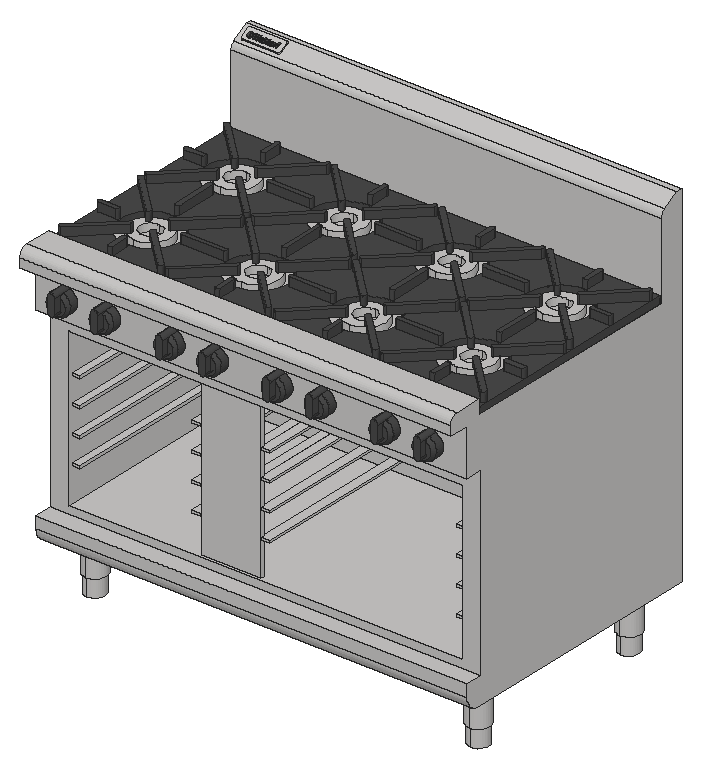
Revit family "QF_MOFFAT WALDORF_RN8800G-CB", category Specialty Equipment, Revit 2012
Parameters
  Weight in Pounds = 436.5148
  URL Cutsheet = "www.moffat.com"
  URL = "www.moffat.com"
  Type Mark [instance] = ""
  Status [instance] = ""
  Specification by User [instance] = ""
  Specification by Manufacturer = ""
  Show Logo [instance] = yes
  Show Casters [instance] = no
  Serial Number = ""
  Seismic Rating = ""
  SMACNA No = ""
  Revision Code [instance] = ""
  Omniclass Number and Title = ""
  NAFEM Spec ID Number = ""
  Model = "RN8800G-CB"
  Mechanical Remarks [instance] = ""
  Mechanical Connection Type [instance] = ""
  Masterspec = ""
  Manufacturer = "MOFFAT WALDORF"
  Legs [instance] = not(Show Casters)  # yes
  Item Number [instance] = ""
  Installed By [instance] = ""
  Identify Quantity as Lot [instance] = yes
  Gas Size = 3/4"
  Gas RI Height [instance] = 0.0 mm
  Gas KW [instance] = 62.2
  Gas Input [instance] = 212311.0 Btu/h
  Gas Connection Height = 0.0 mm
  Furnished By [instance] = ""
  Foodservice Equipment Identifier [instance] = yes
  Description = "COOK TOP GAS ON CABINET BASE"
  CSI MasterFormat = ""
  CSI Master Format = ""
  Body Height [instance] = 915.0 mm
  Base Height [instance] = 150.0 mm
Reference planes
  plane 1 "BACK": y = 0
  plane 2: z = 0
  plane 3 "LEFT": x = 0
  plane 4 "RIGHT": x = 1200
  plane 5 "FRONT": y = -805
  plane 6 "TOP": z = 1130
  plane 7 "Center Y": x = 600
  plane 8 "Center X": y = -402.5
  plane 9 "Base Height": z = 150
  plane 10: x = 1134
  plane 11: x = 65
  plane 12: z = 915
  plane 13: x = 65.8
Forms (mm)
  Extrusion 1, solid, material "QF_Finishes_Stainless Steel"
    sketch origin (0, 0, 0) x (0, 1, 0) y (0, 0, 1)
      loop
        line (-805, 891) -> (-805, 866) -> (-749, 866) -> (-749, 735) -> (-135.7, 735) -> (-135.7, 150) -> (0, 150) -> (0, 1130) -> (-16.5, 1130) -> (-58.709, 1105.631)
        arc (-58.709, 1105.631) -> (-66.975, 1097.365) -> (-70, 1086.074) r 22.582
        line (-70, 1086.074) -> (-70, 875) -> (-705, 875) -> (-705, 915) -> (-781, 915)
        arc (-781, 915) -> (-797.971, 907.971) -> (-805, 891) r 24
      loop
        line (-699, 222.5) -> (-749, 222.5) -> (-749, 188)
        arc (-749, 188) -> (-737.87, 161.13) -> (-711, 150) r 38
        line (-711, 150) -> (-699, 150) -> (-699, 222.5)
    from 0 to 1200
  Revolve 2, solid, material "QF_Finishes_Black"
    sketch origin (210, 0, 600) x (0, -1, 0) y (0, 0, 1)
      loop
        line (782, 229.605) -> (759, 229.605) -> (759, 202.105) -> (749, 202.105) -> (749, 197.105) -> (793, 197.105) -> (793, 223.757) -> (782, 229.605)
      axis (793, 197.105) -> (749, 197.105)
    angle from 0 to 360
  Extrusion 3, solid, material "QF_Finishes_Black"
    sketch origin (-78.431, 0, 496.003) x (1, 0, 0) y (0, 0, 1)
      loop
        line (298.431, 289) -> (298.431, 327.997)
        arc (298.431, 327.997) -> (288.431, 337.997) -> (278.431, 327.997) r 10
        line (278.431, 327.997) -> (278.431, 289)
        arc (278.431, 289) -> (288.431, 279) -> (298.431, 289) r 10
    from 759 to 808
  Extrusion 4, solid, material "QF_Finishes_Stainless Steel"
    sketch origin (705, 3, 100) x (1, 0, 0) y (0, 1, 0)
      loop
        circle (365, -35) r 13.5
    from 555 to 599.856
  Revolve 5, solid, material "QF_Finishes_Black"
    sketch origin (89.999, 0, 599.873) x (0, 1, 0) y (0, 0, -1)
      loop
        line (-782, -229.5) -> (-759, -229.5) -> (-759, -202) -> (-749, -202) -> (-749, -197) -> (-793, -197) -> (-793, -223.651) -> (-782, -229.5)
      axis (-793, -197) -> (-749, -197)
    angle from 0 to 360
  Extrusion 6, solid, material "QF_Finishes_Black"
    sketch origin (228.269, 0, 600.031) x (-1, 0, 0) y (0, 0, -1)
      loop
        arc (148.269, -184.969) -> (138.269, -174.969) -> (128.269, -184.969) r 10
        line (128.269, -184.969) -> (128.269, -223.969)
        arc (128.269, -223.969) -> (138.269, -233.969) -> (148.269, -223.969) r 10
        line (148.269, -223.969) -> (148.269, -184.969)
    from 759 to 808
  Extrusion 7, solid, material "QF_Finishes_Black"
    sketch origin (0, -70, 875) x (0, -1, 0) y (1, 0, 0)
      loop
        arc (1, 4) -> (1.879, 1.879) -> (4, 1) r 3
        line (4, 1) -> (631, 1)
        arc (631, 1) -> (633.121, 1.879) -> (634, 4) r 3
        line (634, 4) -> (634, 1196)
        arc (634, 1196) -> (633.121, 1198.121) -> (631, 1199) r 3
        line (631, 1199) -> (4, 1199)
        arc (4, 1199) -> (1.879, 1198.121) -> (1, 1196) r 3
        line (1, 1196) -> (1, 4)
      loop
        circle (167.5, 150) r 84.082
      loop
        circle (467.5, 150) r 84.082
      loop
        circle (467.5, 1050) r 84.082
      loop
        circle (167.5, 1050) r 84.082
      loop
        circle (167.5, 450) r 84.082
      loop
        circle (467.5, 450) r 84.082
      loop
        circle (167.5, 750) r 84.082
      loop
        circle (467.5, 750) r 84.082
    from 0 to 19.5
  Extrusion 8, solid, material "QF_Finishes_Black"
    sketch origin (0, -70, 894.5) x (0, -1, 0) y (1, 0, 0)
      loop
        spline (323.602, 15.153) -> (322.681, 13.924) -> (322.131, 12.47) -> (321.99, 10.89) -> (322.267, 9.292) -> (322.943, 7.786) -> (323.973, 6.473) -> (325.286, 5.443) -> (326.792, 4.767) -> (328.39, 4.49) -> (329.97, 4.631) -> (331.424, 5.181) -> (332.653, 6.102)
        line (332.653, 6.102) -> (440.576, 114.025)
        spline (440.576, 114.025) -> (441.337, 115.095) -> (441.738, 116.399) -> (441.751, 117.851) -> (441.375, 119.35) -> (440.637, 120.795) -> (439.586, 122.086) -> (438.295, 123.137) -> (436.85, 123.875) -> (435.351, 124.251) -> (433.899, 124.238) -> (432.595, 123.837) -> (431.525, 123.076)
        line (431.525, 123.076) -> (323.602, 15.153)
      loop
        spline (259.398, 156.4) -> (258.104, 156.182) -> (256.898, 155.543) -> (255.862, 154.525) -> (255.068, 153.2) -> (254.568, 151.656) -> (254.398, 150) -> (254.568, 148.344) -> (255.068, 146.8) -> (255.862, 145.475) -> (256.898, 144.457) -> (258.104, 143.818) -> (259.398, 143.6)
        line (259.398, 143.6) -> (375.602, 143.6)
        spline (375.602, 143.6) -> (376.896, 143.818) -> (378.102, 144.457) -> (379.138, 145.475) -> (379.932, 146.8) -> (380.432, 148.344) -> (380.602, 150) -> (380.432, 151.656) -> (379.932, 153.2) -> (379.138, 154.525) -> (378.102, 155.543) -> (376.896, 156.182) -> (375.602, 156.4)
        line (375.602, 156.4) -> (259.398, 156.4)
      loop
        spline (608.602, 143.6) -> (609.896, 143.818) -> (611.102, 144.457) -> (612.138, 145.475) -> (612.932, 146.8) -> (613.432, 148.344) -> (613.602, 150) -> (613.432, 151.656) -> (612.932, 153.2) -> (612.138, 154.525) -> (611.102, 155.543) -> (609.896, 156.182) -> (608.602, 156.4)
        line (608.602, 156.4) -> (559.398, 156.4)
        spline (559.398, 156.4) -> (558.104, 156.182) -> (556.898, 155.543) -> (555.862, 154.525) -> (555.068, 153.2) -> (554.568, 151.656) -> (554.398, 150) -> (554.568, 148.344) -> (555.068, 146.8) -> (555.862, 145.475) -> (556.898, 144.457) -> (558.104, 143.818) -> (559.398, 143.6)
        line (559.398, 143.6) -> (608.602, 143.6)
      loop
        line (611.398, 15.153) -> (503.475, 123.076)
        spline (503.475, 123.076) -> (502.405, 123.837) -> (501.101, 124.238) -> (499.649, 124.251) -> (498.15, 123.875) -> (496.705, 123.137) -> (495.414, 122.086) -> (494.363, 120.795) -> (493.625, 119.35) -> (493.249, 117.851) -> (493.262, 116.399) -> (493.663, 115.095) -> (494.424, 114.025)
        line (494.424, 114.025) -> (602.347, 6.102)
        spline (602.347, 6.102) -> (603.416, 5.341) -> (604.721, 4.941) -> (606.172, 4.928) -> (607.671, 5.303) -> (609.116, 6.041) -> (610.408, 7.092) -> (611.459, 8.384) -> (612.197, 9.829) -> (612.572, 11.328) -> (612.559, 12.779) -> (612.159, 14.084) -> (611.398, 15.153)
      loop
        line (473.9, 8.898) -> (473.9, 58.102)
        spline (473.9, 58.102) -> (473.682, 59.396) -> (473.043, 60.602) -> (472.025, 61.638) -> (470.7, 62.432) -> (469.156, 62.932) -> (467.5, 63.102) -> (465.844, 62.932) -> (464.3, 62.432) -> (462.975, 61.638) -> (461.957, 60.602) -> (461.318, 59.396) -> (461.1, 58.102)
        line (461.1, 58.102) -> (461.1, 8.898)
        spline (461.1, 8.898) -> (461.318, 7.604) -> (461.957, 6.398) -> (462.975, 5.362) -> (464.3, 4.568) -> (465.844, 4.068) -> (467.5, 3.898) -> (469.156, 4.068) -> (470.7, 4.568) -> (472.025, 5.362) -> (473.043, 6.398) -> (473.682, 7.604) -> (473.9, 8.898)
      loop
        spline (23.602, 15.153) -> (22.681, 13.924) -> (22.131, 12.47) -> (21.99, 10.89) -> (22.267, 9.292) -> (22.943, 7.786) -> (23.973, 6.473) -> (25.286, 5.443) -> (26.792, 4.767) -> (28.39, 4.49) -> (29.97, 4.631) -> (31.424, 5.181) -> (32.653, 6.102)
        line (32.653, 6.102) -> (140.576, 114.025)
        spline (140.576, 114.025) -> (141.337, 115.095) -> (141.738, 116.399) -> (141.751, 117.851) -> (141.375, 119.35) -> (140.637, 120.795) -> (139.586, 122.086) -> (138.295, 123.137) -> (136.85, 123.875) -> (135.351, 124.251) -> (133.899, 124.238) -> (132.595, 123.837) -> (131.525, 123.076)
        line (131.525, 123.076) -> (23.602, 15.153)
      loop
        spline (26.398, 156.4) -> (25.104, 156.182) -> (23.898, 155.543) -> (22.862, 154.525) -> (22.068, 153.2) -> (21.568, 151.656) -> (21.398, 150) -> (21.568, 148.344) -> (22.068, 146.8) -> (22.862, 145.475) -> (23.898, 144.457) -> (25.104, 143.818) -> (26.398, 143.6)
        line (26.398, 143.6) -> (75.602, 143.6)
        spline (75.602, 143.6) -> (76.896, 143.818) -> (78.102, 144.457) -> (79.138, 145.475) -> (79.932, 146.8) -> (80.432, 148.344) -> (80.602, 150) -> (80.432, 151.656) -> (79.932, 153.2) -> (79.138, 154.525) -> (78.102, 155.543) -> (76.896, 156.182) -> (75.602, 156.4)
        line (75.602, 156.4) -> (26.398, 156.4)
      loop
        line (311.398, 15.153) -> (203.475, 123.076)
        spline (203.475, 123.076) -> (202.405, 123.837) -> (201.101, 124.238) -> (199.649, 124.251) -> (198.15, 123.875) -> (196.705, 123.137) -> (195.414, 122.086) -> (194.363, 120.795) -> (193.625, 119.35) -> (193.249, 117.851) -> (193.262, 116.399) -> (193.663, 115.095) -> (194.424, 114.025)
        line (194.424, 114.025) -> (302.347, 6.102)
        spline (302.347, 6.102) -> (303.416, 5.341) -> (304.721, 4.941) -> (306.172, 4.928) -> (307.671, 5.303) -> (309.116, 6.041) -> (310.408, 7.092) -> (311.459, 8.384) -> (312.197, 9.829) -> (312.572, 11.328) -> (312.559, 12.779) -> (312.159, 14.084) -> (311.398, 15.153)
      loop
        line (173.9, 8.898) -> (173.9, 58.102)
        spline (173.9, 58.102) -> (173.682, 59.396) -> (173.043, 60.602) -> (172.025, 61.638) -> (170.7, 62.432) -> (169.156, 62.932) -> (167.5, 63.102) -> (165.844, 62.932) -> (164.3, 62.432) -> (162.975, 61.638) -> (161.957, 60.602) -> (161.318, 59.396) -> (161.1, 58.102)
        line (161.1, 58.102) -> (161.1, 8.898)
        spline (161.1, 8.898) -> (161.318, 7.604) -> (161.957, 6.398) -> (162.975, 5.362) -> (164.3, 4.568) -> (165.844, 4.068) -> (167.5, 3.898) -> (169.156, 4.068) -> (170.7, 4.568) -> (172.025, 5.362) -> (173.043, 6.398) -> (173.682, 7.604) -> (173.9, 8.898)
      loop
        line (323.602, 284.847) -> (431.525, 176.924)
        spline (431.525, 176.924) -> (432.595, 176.163) -> (433.899, 175.762) -> (435.351, 175.749) -> (436.85, 176.125) -> (438.295, 176.863) -> (439.586, 177.914) -> (440.637, 179.205) -> (441.375, 180.65) -> (441.751, 182.149) -> (441.738, 183.601) -> (441.337, 184.905) -> (440.576, 185.975)
        line (440.576, 185.975) -> (332.653, 293.898)
        spline (332.653, 293.898) -> (331.424, 294.819) -> (329.97, 295.369) -> (328.39, 295.51) -> (326.792, 295.233) -> (325.286, 294.557) -> (323.973, 293.527) -> (322.943, 292.214) -> (322.267, 290.708) -> (321.99, 289.11) -> (322.131, 287.53) -> (322.681, 286.076) -> (323.602, 284.847)
      loop
        spline (611.398, 284.847) -> (612.159, 285.916) -> (612.559, 287.221) -> (612.572, 288.672) -> (612.197, 290.171) -> (611.459, 291.616) -> (610.408, 292.908) -> (609.116, 293.959) -> (607.671, 294.697) -> (606.172, 295.072) -> (604.721, 295.059) -> (603.416, 294.659) -> (602.347, 293.898)
        line (602.347, 293.898) -> (494.424, 185.975)
        spline (494.424, 185.975) -> (493.663, 184.905) -> (493.262, 183.601) -> (493.249, 182.149) -> (493.625, 180.65) -> (494.363, 179.205) -> (495.414, 177.914) -> (496.705, 176.863) -> (498.15, 176.125) -> (499.649, 175.749) -> (501.101, 175.762) -> (502.405, 176.163) -> (503.475, 176.924)
        line (503.475, 176.924) -> (611.398, 284.847)
      loop
        spline (461.1, 241.898) -> (461.318, 240.604) -> (461.957, 239.398) -> (462.975, 238.362) -> (464.3, 237.568) -> (465.844, 237.068) -> (467.5, 236.898) -> (469.156, 237.068) -> (470.7, 237.568) -> (472.025, 238.362) -> (473.043, 239.398) -> (473.682, 240.604) -> (473.9, 241.898)
        line (473.9, 241.898) -> (473.9, 358.102)
        spline (473.9, 358.102) -> (473.682, 359.396) -> (473.043, 360.602) -> (472.025, 361.638) -> (470.7, 362.432) -> (469.156, 362.932) -> (467.5, 363.102) -> (465.844, 362.932) -> (464.3, 362.432) -> (462.975, 361.638) -> (461.957, 360.602) -> (461.318, 359.396) -> (461.1, 358.102)
        line (461.1, 358.102) -> (461.1, 241.898)
      loop
        line (23.602, 284.847) -> (131.525, 176.924)
        spline (131.525, 176.924) -> (132.595, 176.163) -> (133.899, 175.762) -> (135.351, 175.749) -> (136.85, 176.125) -> (138.295, 176.863) -> (139.586, 177.914) -> (140.637, 179.205) -> (141.375, 180.65) -> (141.751, 182.149) -> (141.738, 183.601) -> (141.337, 184.905) -> (140.576, 185.975)
        line (140.576, 185.975) -> (32.653, 293.898)
        spline (32.653, 293.898) -> (31.424, 294.819) -> (29.97, 295.369) -> (28.39, 295.51) -> (26.792, 295.233) -> (25.286, 294.557) -> (23.973, 293.527) -> (22.943, 292.214) -> (22.267, 290.708) -> (21.99, 289.11) -> (22.131, 287.53) -> (22.681, 286.076) -> (23.602, 284.847)
      loop
        spline (311.398, 284.847) -> (312.159, 285.916) -> (312.559, 287.221) -> (312.572, 288.672) -> (312.197, 290.171) -> (311.459, 291.616) -> (310.408, 292.908) -> (309.116, 293.959) -> (307.671, 294.697) -> (306.172, 295.072) -> (304.721, 295.059) -> (303.416, 294.659) -> (302.347, 293.898)
        line (302.347, 293.898) -> (194.424, 185.975)
        spline (194.424, 185.975) -> (193.663, 184.905) -> (193.262, 183.601) -> (193.249, 182.149) -> (193.625, 180.65) -> (194.363, 179.205) -> (195.414, 177.914) -> (196.705, 176.863) -> (198.15, 176.125) -> (199.649, 175.749) -> (201.101, 175.762) -> (202.405, 176.163) -> (203.475, 176.924)
        line (203.475, 176.924) -> (311.398, 284.847)
      loop
        spline (173.9, 358.102) -> (173.682, 359.396) -> (173.043, 360.602) -> (172.025, 361.638) -> (170.7, 362.432) -> (169.156, 362.932) -> (167.5, 363.102) -> (165.844, 362.932) -> (164.3, 362.432) -> (162.975, 361.638) -> (161.957, 360.602) -> (161.318, 359.396) -> (161.1, 358.102)
        line (161.1, 358.102) -> (161.1, 241.898)
        spline (161.1, 241.898) -> (161.318, 240.604) -> (161.957, 239.398) -> (162.975, 238.362) -> (164.3, 237.568) -> (165.844, 237.068) -> (167.5, 236.898) -> (169.156, 237.068) -> (170.7, 237.568) -> (172.025, 238.362) -> (173.043, 239.398) -> (173.682, 240.604) -> (173.9, 241.898)
        line (173.9, 241.898) -> (173.9, 358.102)
      loop
        spline (323.602, 315.153) -> (322.681, 313.924) -> (322.131, 312.47) -> (321.99, 310.89) -> (322.267, 309.292) -> (322.943, 307.786) -> (323.973, 306.473) -> (325.286, 305.443) -> (326.792, 304.767) -> (328.39, 304.49) -> (329.97, 304.631) -> (331.424, 305.181) -> (332.653, 306.102)
        line (332.653, 306.102) -> (440.576, 414.025)
        spline (440.576, 414.025) -> (441.337, 415.095) -> (441.738, 416.399) -> (441.751, 417.851) -> (441.375, 419.35) -> (440.637, 420.795) -> (439.586, 422.086) -> (438.295, 423.137) -> (436.85, 423.875) -> (435.351, 424.251) -> (433.899, 424.238) -> (432.595, 423.837) -> (431.525, 423.076)
        line (431.525, 423.076) -> (323.602, 315.153)
      loop
        spline (259.398, 456.4) -> (258.104, 456.182) -> (256.898, 455.543) -> (255.862, 454.525) -> (255.068, 453.2) -> (254.568, 451.656) -> (254.398, 450) -> (254.568, 448.344) -> (255.068, 446.8) -> (255.862, 445.475) -> (256.898, 444.457) -> (258.104, 443.818) -> (259.398, 443.6)
        line (259.398, 443.6) -> (375.602, 443.6)
        spline (375.602, 443.6) -> (376.896, 443.818) -> (378.102, 444.457) -> (379.138, 445.475) -> (379.932, 446.8) -> (380.432, 448.344) -> (380.602, 450) -> (380.432, 451.656) -> (379.932, 453.2) -> (379.138, 454.525) -> (378.102, 455.543) -> (376.896, 456.182) -> (375.602, 456.4)
        line (375.602, 456.4) -> (259.398, 456.4)
      loop
        spline (608.602, 443.6) -> (609.896, 443.818) -> (611.102, 444.457) -> (612.138, 445.475) -> (612.932, 446.8) -> (613.432, 448.344) -> (613.602, 450) -> (613.432, 451.656) -> (612.932, 453.2) -> (612.138, 454.525) -> (611.102, 455.543) -> (609.896, 456.182) -> (608.602, 456.4)
        line (608.602, 456.4) -> (559.398, 456.4)
        spline (559.398, 456.4) -> (558.104, 456.182) -> (556.898, 455.543) -> (555.862, 454.525) -> (555.068, 453.2) -> (554.568, 451.656) -> (554.398, 450) -> (554.568, 448.344) -> (555.068, 446.8) -> (555.862, 445.475) -> (556.898, 444.457) -> (558.104, 443.818) -> (559.398, 443.6)
        line (559.398, 443.6) -> (608.602, 443.6)
      loop
        line (611.398, 315.153) -> (503.475, 423.076)
        spline (503.475, 423.076) -> (502.405, 423.837) -> (501.101, 424.238) -> (499.649, 424.251) -> (498.15, 423.875) -> (496.705, 423.137) -> (495.414, 422.086) -> (494.363, 420.795) -> (493.625, 419.35) -> (493.249, 417.851) -> (493.262, 416.399) -> (493.663, 415.095) -> (494.424, 414.025)
        line (494.424, 414.025) -> (602.347, 306.102)
        spline (602.347, 306.102) -> (603.416, 305.341) -> (604.721, 304.941) -> (606.172, 304.928) -> (607.671, 305.303) -> (609.116, 306.041) -> (610.408, 307.092) -> (611.459, 308.384) -> (612.197, 309.829) -> (612.572, 311.328) -> (612.559, 312.779) -> (612.159, 314.084) -> (611.398, 315.153)
      loop
        spline (23.602, 315.153) -> (22.681, 313.924) -> (22.131, 312.47) -> (21.99, 310.89) -> (22.267, 309.292) -> (22.943, 307.786) -> (23.973, 306.473) -> (25.286, 305.443) -> (26.792, 304.767) -> (28.39, 304.49) -> (29.97, 304.631) -> (31.424, 305.181) -> (32.653, 306.102)
        line (32.653, 306.102) -> (140.576, 414.025)
        spline (140.576, 414.025) -> (141.337, 415.095) -> (141.738, 416.399) -> (141.751, 417.851) -> (141.375, 419.35) -> (140.637, 420.795) -> (139.586, 422.086) -> (138.295, 423.137) -> (136.85, 423.875) -> (135.351, 424.251) -> (133.899, 424.238) -> (132.595, 423.837) -> (131.525, 423.076)
        line (131.525, 423.076) -> (23.602, 315.153)
      loop
        spline (26.398, 456.4) -> (25.104, 456.182) -> (23.898, 455.543) -> (22.862, 454.525) -> (22.068, 453.2) -> (21.568, 451.656) -> (21.398, 450) -> (21.568, 448.344) -> (22.068, 446.8) -> (22.862, 445.475) -> (23.898, 444.457) -> (25.104, 443.818) -> (26.398, 443.6)
        line (26.398, 443.6) -> (75.602, 443.6)
        spline (75.602, 443.6) -> (76.896, 443.818) -> (78.102, 444.457) -> (79.138, 445.475) -> (79.932, 446.8) -> (80.432, 448.344) -> (80.602, 450) -> (80.432, 451.656) -> (79.932, 453.2) -> (79.138, 454.525) -> (78.102, 455.543) -> (76.896, 456.182) -> (75.602, 456.4)
        line (75.602, 456.4) -> (26.398, 456.4)
      loop
        line (311.398, 315.153) -> (203.475, 423.076)
        spline (203.475, 423.076) -> (202.405, 423.837) -> (201.101, 424.238) -> (199.649, 424.251) -> (198.15, 423.875) -> (196.705, 423.137) -> (195.414, 422.086) -> (194.363, 420.795) -> (193.625, 419.35) -> (193.249, 417.851) -> (193.262, 416.399) -> (193.663, 415.095) -> (194.424, 414.025)
        line (194.424, 414.025) -> (302.347, 306.102)
        spline (302.347, 306.102) -> (303.416, 305.341) -> (304.721, 304.941) -> (306.172, 304.928) -> (307.671, 305.303) -> (309.116, 306.041) -> (310.408, 307.092) -> (311.459, 308.384) -> (312.197, 309.829) -> (312.572, 311.328) -> (312.559, 312.779) -> (312.159, 314.084) -> (311.398, 315.153)
      loop
        line (323.602, 584.847) -> (431.525, 476.924)
        spline (431.525, 476.924) -> (432.595, 476.163) -> (433.899, 475.762) -> (435.351, 475.749) -> (436.85, 476.125) -> (438.295, 476.863) -> (439.586, 477.914) -> (440.637, 479.205) -> (441.375, 480.65) -> (441.751, 482.149) -> (441.738, 483.601) -> (441.337, 484.905) -> (440.576, 485.975)
        line (440.576, 485.975) -> (332.653, 593.898)
        spline (332.653, 593.898) -> (331.424, 594.819) -> (329.97, 595.369) -> (328.39, 595.51) -> (326.792, 595.233) -> (325.286, 594.557) -> (323.973, 593.527) -> (322.943, 592.214) -> (322.267, 590.708) -> (321.99, 589.11) -> (322.131, 587.53) -> (322.681, 586.076) -> (323.602, 584.847)
      loop
        spline (611.398, 584.847) -> (612.159, 585.916) -> (612.559, 587.221) -> (612.572, 588.672) -> (612.197, 590.171) -> (611.459, 591.616) -> (610.408, 592.908) -> (609.116, 593.959) -> (607.671, 594.697) -> (606.172, 595.072) -> (604.721, 595.059) -> (603.416, 594.659) -> (602.347, 593.898)
        line (602.347, 593.898) -> (494.424, 485.975)
        spline (494.424, 485.975) -> (493.663, 484.905) -> (493.262, 483.601) -> (493.249, 482.149) -> (493.625, 480.65) -> (494.363, 479.205) -> (495.414, 477.914) -> (496.705, 476.863) -> (498.15, 476.125) -> (499.649, 475.749) -> (501.101, 475.762) -> (502.405, 476.163) -> (503.475, 476.924)
        line (503.475, 476.924) -> (611.398, 584.847)
      loop
        spline (473.9, 658.102) -> (473.682, 659.396) -> (473.043, 660.602) -> (472.025, 661.638) -> (470.7, 662.432) -> (469.156, 662.932) -> (467.5, 663.102) -> (465.844, 662.932) -> (464.3, 662.432) -> (462.975, 661.638) -> (461.957, 660.602) -> (461.318, 659.396) -> (461.1, 658.102)
        line (461.1, 658.102) -> (461.1, 541.898)
        spline (461.1, 541.898) -> (461.318, 540.604) -> (461.957, 539.398) -> (462.975, 538.362) -> (464.3, 537.568) -> (465.844, 537.068) -> (467.5, 536.898) -> (469.156, 537.068) -> (470.7, 537.568) -> (472.025, 538.362) -> (473.043, 539.398) -> (473.682, 540.604) -> (473.9, 541.898)
        line (473.9, 541.898) -> (473.9, 658.102)
      loop
        line (23.602, 584.847) -> (131.525, 476.924)
        spline (131.525, 476.924) -> (132.595, 476.163) -> (133.899, 475.762) -> (135.351, 475.749) -> (136.85, 476.125) -> (138.295, 476.863) -> (139.586, 477.914) -> (140.637, 479.205) -> (141.375, 480.65) -> (141.751, 482.149) -> (141.738, 483.601) -> (141.337, 484.905) -> (140.576, 485.975)
        line (140.576, 485.975) -> (32.653, 593.898)
        spline (32.653, 593.898) -> (31.424, 594.819) -> (29.97, 595.369) -> (28.39, 595.51) -> (26.792, 595.233) -> (25.286, 594.557) -> (23.973, 593.527) -> (22.943, 592.214) -> (22.267, 590.708) -> (21.99, 589.11) -> (22.131, 587.53) -> (22.681, 586.076) -> (23.602, 584.847)
      loop
        spline (311.398, 584.847) -> (312.159, 585.916) -> (312.559, 587.221) -> (312.572, 588.672) -> (312.197, 590.171) -> (311.459, 591.616) -> (310.408, 592.908) -> (309.116, 593.959) -> (307.671, 594.697) -> (306.172, 595.072) -> (304.721, 595.059) -> (303.416, 594.659) -> (302.347, 593.898)
        line (302.347, 593.898) -> (194.424, 485.975)
        spline (194.424, 485.975) -> (193.663, 484.905) -> (193.262, 483.601) -> (193.249, 482.149) -> (193.625, 480.65) -> (194.363, 479.205) -> (195.414, 477.914) -> (196.705, 476.863) -> (198.15, 476.125) -> (199.649, 475.749) -> (201.101, 475.762) -> (202.405, 476.163) -> (203.475, 476.924)
        line (203.475, 476.924) -> (311.398, 584.847)
      loop
        spline (173.9, 658.102) -> (173.682, 659.396) -> (173.043, 660.602) -> (172.025, 661.638) -> (170.7, 662.432) -> (169.156, 662.932) -> (167.5, 663.102) -> (165.844, 662.932) -> (164.3, 662.432) -> (162.975, 661.638) -> (161.957, 660.602) -> (161.318, 659.396) -> (161.1, 658.102)
        line (161.1, 658.102) -> (161.1, 541.898)
        spline (161.1, 541.898) -> (161.318, 540.604) -> (161.957, 539.398) -> (162.975, 538.362) -> (164.3, 537.568) -> (165.844, 537.068) -> (167.5, 536.898) -> (169.156, 537.068) -> (170.7, 537.568) -> (172.025, 538.362) -> (173.043, 539.398) -> (173.682, 540.604) -> (173.9, 541.898)
        line (173.9, 541.898) -> (173.9, 658.102)
      loop
        line (323.602, 1184.847) -> (431.525, 1076.924)
        spline (431.525, 1076.924) -> (432.595, 1076.163) -> (433.899, 1075.762) -> (435.351, 1075.749) -> (436.85, 1076.125) -> (438.295, 1076.863) -> (439.586, 1077.914) -> (440.637, 1079.205) -> (441.375, 1080.65) -> (441.751, 1082.149) -> (441.738, 1083.601) -> (441.337, 1084.905) -> (440.576, 1085.975)
        line (440.576, 1085.975) -> (332.653, 1193.898)
        spline (332.653, 1193.898) -> (331.424, 1194.819) -> (329.97, 1195.369) -> (328.39, 1195.51) -> (326.792, 1195.233) -> (325.286, 1194.557) -> (323.973, 1193.527) -> (322.943, 1192.214) -> (322.267, 1190.708) -> (321.99, 1189.11) -> (322.131, 1187.53) -> (322.681, 1186.076) -> (323.602, 1184.847)
      loop
        line (259.398, 1043.6) -> (375.602, 1043.6)
        spline (375.602, 1043.6) -> (376.896, 1043.818) -> (378.102, 1044.457) -> (379.138, 1045.475) -> (379.932, 1046.8) -> (380.432, 1048.344) -> (380.602, 1050) -> (380.432, 1051.656) -> (379.932, 1053.2) -> (379.138, 1054.525) -> (378.102, 1055.543) -> (376.896, 1056.182) -> (375.602, 1056.4)
        line (375.602, 1056.4) -> (259.398, 1056.4)
        spline (259.398, 1056.4) -> (258.104, 1056.182) -> (256.898, 1055.543) -> (255.862, 1054.525) -> (255.068, 1053.2) -> (254.568, 1051.656) -> (254.398, 1050) -> (254.568, 1048.344) -> (255.068, 1046.8) -> (255.862, 1045.475) -> (256.898, 1044.457) -> (258.104, 1043.818) -> (259.398, 1043.6)
      loop
        line (608.602, 1056.4) -> (559.398, 1056.4)
        spline (559.398, 1056.4) -> (558.104, 1056.182) -> (556.898, 1055.543) -> (555.862, 1054.525) -> (555.068, 1053.2) -> (554.568, 1051.656) -> (554.398, 1050) -> (554.568, 1048.344) -> (555.068, 1046.8) -> (555.862, 1045.475) -> (556.898, 1044.457) -> (558.104, 1043.818) -> (559.398, 1043.6)
        line (559.398, 1043.6) -> (608.602, 1043.6)
        spline (608.602, 1043.6) -> (609.896, 1043.818) -> (611.102, 1044.457) -> (612.138, 1045.475) -> (612.932, 1046.8) -> (613.432, 1048.344) -> (613.602, 1050) -> (613.432, 1051.656) -> (612.932, 1053.2) -> (612.138, 1054.525) -> (611.102, 1055.543) -> (609.896, 1056.182) -> (608.602, 1056.4)
      loop
        spline (611.398, 1184.847) -> (612.159, 1185.916) -> (612.559, 1187.221) -> (612.572, 1188.672) -> (612.197, 1190.171) -> (611.459, 1191.616) -> (610.408, 1192.908) -> (609.116, 1193.959) -> (607.671, 1194.697) -> (606.172, 1195.072) -> (604.721, 1195.059) -> (603.416, 1194.659) -> (602.347, 1193.898)
        line (602.347, 1193.898) -> (494.424, 1085.975)
        spline (494.424, 1085.975) -> (493.663, 1084.905) -> (493.262, 1083.601) -> (493.249, 1082.149) -> (493.625, 1080.65) -> (494.363, 1079.205) -> (495.414, 1077.914) -> (496.705, 1076.863) -> (498.15, 1076.125) -> (499.649, 1075.749) -> (501.101, 1075.762) -> (502.405, 1076.163) -> (503.475, 1076.924)
        line (503.475, 1076.924) -> (611.398, 1184.847)
      loop
        spline (473.9, 1191.102) -> (473.682, 1192.396) -> (473.043, 1193.602) -> (472.025, 1194.638) -> (470.7, 1195.432) -> (469.156, 1195.932) -> (467.5, 1196.102) -> (465.844, 1195.932) -> (464.3, 1195.432) -> (462.975, 1194.638) -> (461.957, 1193.602) -> (461.318, 1192.396) -> (461.1, 1191.102)
        line (461.1, 1191.102) -> (461.1, 1141.898)
        spline (461.1, 1141.898) -> (461.318, 1140.604) -> (461.957, 1139.398) -> (462.975, 1138.362) -> (464.3, 1137.568) -> (465.844, 1137.068) -> (467.5, 1136.898) -> (469.156, 1137.068) -> (470.7, 1137.568) -> (472.025, 1138.362) -> (473.043, 1139.398) -> (473.682, 1140.604) -> (473.9, 1141.898)
        line (473.9, 1141.898) -> (473.9, 1191.102)
      loop
        line (23.602, 1184.847) -> (131.525, 1076.924)
        spline (131.525, 1076.924) -> (132.595, 1076.163) -> (133.899, 1075.762) -> (135.351, 1075.749) -> (136.85, 1076.125) -> (138.295, 1076.863) -> (139.586, 1077.914) -> (140.637, 1079.205) -> (141.375, 1080.65) -> (141.751, 1082.149) -> (141.738, 1083.601) -> (141.337, 1084.905) -> (140.576, 1085.975)
        line (140.576, 1085.975) -> (32.653, 1193.898)
        spline (32.653, 1193.898) -> (31.424, 1194.819) -> (29.97, 1195.369) -> (28.39, 1195.51) -> (26.792, 1195.233) -> (25.286, 1194.557) -> (23.973, 1193.527) -> (22.943, 1192.214) -> (22.267, 1190.708) -> (21.99, 1189.11) -> (22.131, 1187.53) -> (22.681, 1186.076) -> (23.602, 1184.847)
      loop
        line (26.398, 1043.6) -> (75.602, 1043.6)
        spline (75.602, 1043.6) -> (76.896, 1043.818) -> (78.102, 1044.457) -> (79.138, 1045.475) -> (79.932, 1046.8) -> (80.432, 1048.344) -> (80.602, 1050) -> (80.432, 1051.656) -> (79.932, 1053.2) -> (79.138, 1054.525) -> (78.102, 1055.543) -> (76.896, 1056.182) -> (75.602, 1056.4)
        line (75.602, 1056.4) -> (26.398, 1056.4)
        spline (26.398, 1056.4) -> (25.104, 1056.182) -> (23.898, 1055.543) -> (22.862, 1054.525) -> (22.068, 1053.2) -> (21.568, 1051.656) -> (21.398, 1050) -> (21.568, 1048.344) -> (22.068, 1046.8) -> (22.862, 1045.475) -> (23.898, 1044.457) -> (25.104, 1043.818) -> (26.398, 1043.6)
      loop
        spline (311.398, 1184.847) -> (312.159, 1185.916) -> (312.559, 1187.221) -> (312.572, 1188.672) -> (312.197, 1190.171) -> (311.459, 1191.616) -> (310.408, 1192.908) -> (309.116, 1193.959) -> (307.671, 1194.697) -> (306.172, 1195.072) -> (304.721, 1195.059) -> (303.416, 1194.659) -> (302.347, 1193.898)
        line (302.347, 1193.898) -> (194.424, 1085.975)
        spline (194.424, 1085.975) -> (193.663, 1084.905) -> (193.262, 1083.601) -> (193.249, 1082.149) -> (193.625, 1080.65) -> (194.363, 1079.205) -> (195.414, 1077.914) -> (196.705, 1076.863) -> (198.15, 1076.125) -> (199.649, 1075.749) -> (201.101, 1075.762) -> (202.405, 1076.163) -> (203.475, 1076.924)
        line (203.475, 1076.924) -> (311.398, 1184.847)
      loop
        spline (173.9, 1191.102) -> (173.682, 1192.396) -> (173.043, 1193.602) -> (172.025, 1194.638) -> (170.7, 1195.432) -> (169.156, 1195.932) -> (167.5, 1196.102) -> (165.844, 1195.932) -> (164.3, 1195.432) -> (162.975, 1194.638) -> (161.957, 1193.602) -> (161.318, 1192.396) -> (161.1, 1191.102)
        line (161.1, 1191.102) -> (161.1, 1141.898)
        spline (161.1, 1141.898) -> (161.318, 1140.604) -> (161.957, 1139.398) -> (162.975, 1138.362) -> (164.3, 1137.568) -> (165.844, 1137.068) -> (167.5, 1136.898) -> (169.156, 1137.068) -> (170.7, 1137.568) -> (172.025, 1138.362) -> (173.043, 1139.398) -> (173.682, 1140.604) -> (173.9, 1141.898)
        line (173.9, 1141.898) -> (173.9, 1191.102)
      loop
        spline (323.602, 915.153) -> (322.681, 913.924) -> (322.131, 912.47) -> (321.99, 910.89) -> (322.267, 909.292) -> (322.943, 907.786) -> (323.973, 906.473) -> (325.286, 905.443) -> (326.792, 904.767) -> (328.39, 904.49) -> (329.97, 904.631) -> (331.424, 905.181) -> (332.653, 906.102)
        line (332.653, 906.102) -> (440.576, 1014.025)
        spline (440.576, 1014.025) -> (441.337, 1015.095) -> (441.738, 1016.399) -> (441.751, 1017.851) -> (441.375, 1019.35) -> (440.637, 1020.795) -> (439.586, 1022.086) -> (438.295, 1023.137) -> (436.85, 1023.875) -> (435.351, 1024.251) -> (433.899, 1024.238) -> (432.595, 1023.837) -> (431.525, 1023.076)
        line (431.525, 1023.076) -> (323.602, 915.153)
      loop
        line (611.398, 915.153) -> (503.475, 1023.076)
        spline (503.475, 1023.076) -> (502.405, 1023.837) -> (501.101, 1024.238) -> (499.649, 1024.251) -> (498.15, 1023.875) -> (496.705, 1023.137) -> (495.414, 1022.086) -> (494.363, 1020.795) -> (493.625, 1019.35) -> (493.249, 1017.851) -> (493.262, 1016.399) -> (493.663, 1015.095) -> (494.424, 1014.025)
        line (494.424, 1014.025) -> (602.347, 906.102)
        spline (602.347, 906.102) -> (603.416, 905.341) -> (604.721, 904.941) -> (606.172, 904.928) -> (607.671, 905.303) -> (609.116, 906.041) -> (610.408, 907.092) -> (611.459, 908.384) -> (612.197, 909.829) -> (612.572, 911.328) -> (612.559, 912.779) -> (612.159, 914.084) -> (611.398, 915.153)
      loop
        line (461.1, 958.102) -> (461.1, 841.898)
        spline (461.1, 841.898) -> (461.318, 840.604) -> (461.957, 839.398) -> (462.975, 838.362) -> (464.3, 837.568) -> (465.844, 837.068) -> (467.5, 836.898) -> (469.156, 837.068) -> (470.7, 837.568) -> (472.025, 838.362) -> (473.043, 839.398) -> (473.682, 840.604) -> (473.9, 841.898)
        line (473.9, 841.898) -> (473.9, 958.102)
        spline (473.9, 958.102) -> (473.682, 959.396) -> (473.043, 960.602) -> (472.025, 961.638) -> (470.7, 962.432) -> (469.156, 962.932) -> (467.5, 963.102) -> (465.844, 962.932) -> (464.3, 962.432) -> (462.975, 961.638) -> (461.957, 960.602) -> (461.318, 959.396) -> (461.1, 958.102)
      loop
        spline (23.602, 915.153) -> (22.681, 913.924) -> (22.131, 912.47) -> (21.99, 910.89) -> (22.267, 909.292) -> (22.943, 907.786) -> (23.973, 906.473) -> (25.286, 905.443) -> (26.792, 904.767) -> (28.39, 904.49) -> (29.97, 904.631) -> (31.424, 905.181) -> (32.653, 906.102)
        line (32.653, 906.102) -> (140.576, 1014.025)
        spline (140.576, 1014.025) -> (141.337, 1015.095) -> (141.738, 1016.399) -> (141.751, 1017.851) -> (141.375, 1019.35) -> (140.637, 1020.795) -> (139.586, 1022.086) -> (138.295, 1023.137) -> (136.85, 1023.875) -> (135.351, 1024.251) -> (133.899, 1024.238) -> (132.595, 1023.837) -> (131.525, 1023.076)
        line (131.525, 1023.076) -> (23.602, 915.153)
      loop
        line (311.398, 915.153) -> (203.475, 1023.076)
        spline (203.475, 1023.076) -> (202.405, 1023.837) -> (201.101, 1024.238) -> (199.649, 1024.251) -> (198.15, 1023.875) -> (196.705, 1023.137) -> (195.414, 1022.086) -> (194.363, 1020.795) -> (193.625, 1019.35) -> (193.249, 1017.851) -> (193.262, 1016.399) -> (193.663, 1015.095) -> (194.424, 1014.025)
        line (194.424, 1014.025) -> (302.347, 906.102)
        spline (302.347, 906.102) -> (303.416, 905.341) -> (304.721, 904.941) -> (306.172, 904.928) -> (307.671, 905.303) -> (309.116, 906.041) -> (310.408, 907.092) -> (311.459, 908.384) -> (312.197, 909.829) -> (312.572, 911.328) -> (312.559, 912.779) -> (312.159, 914.084) -> (311.398, 915.153)
      loop
        line (173.9, 841.898) -> (173.9, 958.102)
        spline (173.9, 958.102) -> (173.682, 959.396) -> (173.043, 960.602) -> (172.025, 961.638) -> (170.7, 962.432) -> (169.156, 962.932) -> (167.5, 963.102) -> (165.844, 962.932) -> (164.3, 962.432) -> (162.975, 961.638) -> (161.957, 960.602) -> (161.318, 959.396) -> (161.1, 958.102)
        line (161.1, 958.102) -> (161.1, 841.898)
        spline (161.1, 841.898) -> (161.318, 840.604) -> (161.957, 839.398) -> (162.975, 838.362) -> (164.3, 837.568) -> (165.844, 837.068) -> (167.5, 836.898) -> (169.156, 837.068) -> (170.7, 837.568) -> (172.025, 838.362) -> (173.043, 839.398) -> (173.682, 840.604) -> (173.9, 841.898)
      loop
        line (323.602, 884.847) -> (431.525, 776.924)
        spline (431.525, 776.924) -> (432.595, 776.163) -> (433.899, 775.762) -> (435.351, 775.749) -> (436.85, 776.125) -> (438.295, 776.863) -> (439.586, 777.914) -> (440.637, 779.205) -> (441.375, 780.65) -> (441.751, 782.149) -> (441.738, 783.601) -> (441.337, 784.905) -> (440.576, 785.975)
        line (440.576, 785.975) -> (332.653, 893.898)
        spline (332.653, 893.898) -> (331.424, 894.819) -> (329.97, 895.369) -> (328.39, 895.51) -> (326.792, 895.233) -> (325.286, 894.557) -> (323.973, 893.527) -> (322.943, 892.214) -> (322.267, 890.708) -> (321.99, 889.11) -> (322.131, 887.53) -> (322.681, 886.076) -> (323.602, 884.847)
      loop
        line (259.398, 743.6) -> (375.602, 743.6)
        spline (375.602, 743.6) -> (376.896, 743.818) -> (378.102, 744.457) -> (379.138, 745.475) -> (379.932, 746.8) -> (380.432, 748.344) -> (380.602, 750) -> (380.432, 751.656) -> (379.932, 753.2) -> (379.138, 754.525) -> (378.102, 755.543) -> (376.896, 756.182) -> (375.602, 756.4)
        line (375.602, 756.4) -> (259.398, 756.4)
        spline (259.398, 756.4) -> (258.104, 756.182) -> (256.898, 755.543) -> (255.862, 754.525) -> (255.068, 753.2) -> (254.568, 751.656) -> (254.398, 750) -> (254.568, 748.344) -> (255.068, 746.8) -> (255.862, 745.475) -> (256.898, 744.457) -> (258.104, 743.818) -> (259.398, 743.6)
      loop
        line (608.602, 756.4) -> (559.398, 756.4)
        spline (559.398, 756.4) -> (558.104, 756.182) -> (556.898, 755.543) -> (555.862, 754.525) -> (555.068, 753.2) -> (554.568, 751.656) -> (554.398, 750) -> (554.568, 748.344) -> (555.068, 746.8) -> (555.862, 745.475) -> (556.898, 744.457) -> (558.104, 743.818) -> (559.398, 743.6)
        line (559.398, 743.6) -> (608.602, 743.6)
        spline (608.602, 743.6) -> (609.896, 743.818) -> (611.102, 744.457) -> (612.138, 745.475) -> (612.932, 746.8) -> (613.432, 748.344) -> (613.602, 750) -> (613.432, 751.656) -> (612.932, 753.2) -> (612.138, 754.525) -> (611.102, 755.543) -> (609.896, 756.182) -> (608.602, 756.4)
      loop
        spline (611.398, 884.847) -> (612.159, 885.916) -> (612.559, 887.221) -> (612.572, 888.672) -> (612.197, 890.171) -> (611.459, 891.616) -> (610.408, 892.908) -> (609.116, 893.959) -> (607.671, 894.697) -> (606.172, 895.072) -> (604.721, 895.059) -> (603.416, 894.659) -> (602.347, 893.898)
        line (602.347, 893.898) -> (494.424, 785.975)
        spline (494.424, 785.975) -> (493.663, 784.905) -> (493.262, 783.601) -> (493.249, 782.149) -> (493.625, 780.65) -> (494.363, 779.205) -> (495.414, 777.914) -> (496.705, 776.863) -> (498.15, 776.125) -> (499.649, 775.749) -> (501.101, 775.762) -> (502.405, 776.163) -> (503.475, 776.924)
        line (503.475, 776.924) -> (611.398, 884.847)
      loop
        line (23.602, 884.847) -> (131.525, 776.924)
        spline (131.525, 776.924) -> (132.595, 776.163) -> (133.899, 775.762) -> (135.351, 775.749) -> (136.85, 776.125) -> (138.295, 776.863) -> (139.586, 777.914) -> (140.637, 779.205) -> (141.375, 780.65) -> (141.751, 782.149) -> (141.738, 783.601) -> (141.337, 784.905) -> (140.576, 785.975)
        line (140.576, 785.975) -> (32.653, 893.898)
        spline (32.653, 893.898) -> (31.424, 894.819) -> (29.97, 895.369) -> (28.39, 895.51) -> (26.792, 895.233) -> (25.286, 894.557) -> (23.973, 893.527) -> (22.943, 892.214) -> (22.267, 890.708) -> (21.99, 889.11) -> (22.131, 887.53) -> (22.681, 886.076) -> (23.602, 884.847)
      loop
        line (26.398, 743.6) -> (75.602, 743.6)
        spline (75.602, 743.6) -> (76.896, 743.818) -> (78.102, 744.457) -> (79.138, 745.475) -> (79.932, 746.8) -> (80.432, 748.344) -> (80.602, 750) -> (80.432, 751.656) -> (79.932, 753.2) -> (79.138, 754.525) -> (78.102, 755.543) -> (76.896, 756.182) -> (75.602, 756.4)
        line (75.602, 756.4) -> (26.398, 756.4)
        spline (26.398, 756.4) -> (25.104, 756.182) -> (23.898, 755.543) -> (22.862, 754.525) -> (22.068, 753.2) -> (21.568, 751.656) -> (21.398, 750) -> (21.568, 748.344) -> (22.068, 746.8) -> (22.862, 745.475) -> (23.898, 744.457) -> (25.104, 743.818) -> (26.398, 743.6)
      loop
        spline (311.398, 884.847) -> (312.159, 885.916) -> (312.559, 887.221) -> (312.572, 888.672) -> (312.197, 890.171) -> (311.459, 891.616) -> (310.408, 892.908) -> (309.116, 893.959) -> (307.671, 894.697) -> (306.172, 895.072) -> (304.721, 895.059) -> (303.416, 894.659) -> (302.347, 893.898)
        line (302.347, 893.898) -> (194.424, 785.975)
        spline (194.424, 785.975) -> (193.663, 784.905) -> (193.262, 783.601) -> (193.249, 782.149) -> (193.625, 780.65) -> (194.363, 779.205) -> (195.414, 777.914) -> (196.705, 776.863) -> (198.15, 776.125) -> (199.649, 775.749) -> (201.101, 775.762) -> (202.405, 776.163) -> (203.475, 776.924)
        line (203.475, 776.924) -> (311.398, 884.847)
      loop
        spline (323.602, 615.153) -> (322.681, 613.924) -> (322.131, 612.47) -> (321.99, 610.89) -> (322.267, 609.292) -> (322.943, 607.786) -> (323.973, 606.473) -> (325.286, 605.443) -> (326.792, 604.767) -> (328.39, 604.49) -> (329.97, 604.631) -> (331.424, 605.181) -> (332.653, 606.102)
        line (332.653, 606.102) -> (440.576, 714.025)
        spline (440.576, 714.025) -> (441.337, 715.095) -> (441.738, 716.399) -> (441.751, 717.851) -> (441.375, 719.35) -> (440.637, 720.795) -> (439.586, 722.086) -> (438.295, 723.137) -> (436.85, 723.875) -> (435.351, 724.251) -> (433.899, 724.238) -> (432.595, 723.837) -> (431.525, 723.076)
        line (431.525, 723.076) -> (323.602, 615.153)
      loop
        line (611.398, 615.153) -> (503.475, 723.076)
        spline (503.475, 723.076) -> (502.405, 723.837) -> (501.101, 724.238) -> (499.649, 724.251) -> (498.15, 723.875) -> (496.705, 723.137) -> (495.414, 722.086) -> (494.363, 720.795) -> (493.625, 719.35) -> (493.249, 717.851) -> (493.262, 716.399) -> (493.663, 715.095) -> (494.424, 714.025)
        line (494.424, 714.025) -> (602.347, 606.102)
        spline (602.347, 606.102) -> (603.416, 605.341) -> (604.721, 604.941) -> (606.172, 604.928) -> (607.671, 605.303) -> (609.116, 606.041) -> (610.408, 607.092) -> (611.459, 608.384) -> (612.197, 609.829) -> (612.572, 611.328) -> (612.559, 612.779) -> (612.159, 614.084) -> (611.398, 615.153)
      loop
        spline (23.602, 615.153) -> (22.681, 613.924) -> (22.131, 612.47) -> (21.99, 610.89) -> (22.267, 609.292) -> (22.943, 607.786) -> (23.973, 606.473) -> (25.286, 605.443) -> (26.792, 604.767) -> (28.39, 604.49) -> (29.97, 604.631) -> (31.424, 605.181) -> (32.653, 606.102)
        line (32.653, 606.102) -> (140.576, 714.025)
        spline (140.576, 714.025) -> (141.337, 715.095) -> (141.738, 716.399) -> (141.751, 717.851) -> (141.375, 719.35) -> (140.637, 720.795) -> (139.586, 722.086) -> (138.295, 723.137) -> (136.85, 723.875) -> (135.351, 724.251) -> (133.899, 724.238) -> (132.595, 723.837) -> (131.525, 723.076)
        line (131.525, 723.076) -> (23.602, 615.153)
      loop
        line (311.398, 615.153) -> (203.475, 723.076)
        spline (203.475, 723.076) -> (202.405, 723.837) -> (201.101, 724.238) -> (199.649, 724.251) -> (198.15, 723.875) -> (196.705, 723.137) -> (195.414, 722.086) -> (194.363, 720.795) -> (193.625, 719.35) -> (193.249, 717.851) -> (193.262, 716.399) -> (193.663, 715.095) -> (194.424, 714.025)
        line (194.424, 714.025) -> (302.347, 606.102)
        spline (302.347, 606.102) -> (303.416, 605.341) -> (304.721, 604.941) -> (306.172, 604.928) -> (307.671, 605.303) -> (309.116, 606.041) -> (310.408, 607.092) -> (311.459, 608.384) -> (312.197, 609.829) -> (312.572, 611.328) -> (312.559, 612.779) -> (312.159, 614.084) -> (311.398, 615.153)
    from 0 to 23.5
  Revolve 9, solid, material "QF_Finishes_Black"
    sketch origin (510, 0, 600) x (0, -1, 0) y (0, 0, 1)
      loop
        line (782, 229.605) -> (759, 229.605) -> (759, 202.105) -> (749, 202.105) -> (749, 197.105) -> (793, 197.105) -> (793, 223.757) -> (782, 229.605)
      axis (793, 197.105) -> (749, 197.105)
    angle from 0 to 360
  Extrusion 10, solid, material "QF_Finishes_Black"
    sketch origin (221.569, 0, 496.003) x (1, 0, 0) y (0, 0, 1)
      loop
        line (298.431, 289) -> (298.431, 327.997)
        arc (298.431, 327.997) -> (288.431, 337.997) -> (278.431, 327.997) r 10
        line (278.431, 327.997) -> (278.431, 289)
        arc (278.431, 289) -> (288.431, 279) -> (298.431, 289) r 10
    from 759 to 808
  Revolve 11, solid, material "QF_Finishes_Black"
    sketch origin (389.999, 0, 599.873) x (0, 1, 0) y (0, 0, -1)
      loop
        line (-782, -229.5) -> (-759, -229.5) -> (-759, -202) -> (-749, -202) -> (-749, -197) -> (-793, -197) -> (-793, -223.651) -> (-782, -229.5)
      axis (-793, -197) -> (-749, -197)
    angle from 0 to 360
  Extrusion 12, solid, material "QF_Finishes_Black"
    sketch origin (228.269, 0, 600.031) x (-1, 0, 0) y (0, 0, -1)
      loop
        arc (-151.731, -184.969) -> (-161.731, -174.969) -> (-171.731, -184.969) r 10
        line (-171.731, -184.969) -> (-171.731, -223.969)
        arc (-171.731, -223.969) -> (-161.731, -233.969) -> (-151.731, -223.969) r 10
        line (-151.731, -223.969) -> (-151.731, -184.969)
    from 759 to 808
  Revolve 13, solid, material "QF_Finishes_Black"
    sketch origin (810, 0, 600) x (0, -1, 0) y (0, 0, 1)
      loop
        line (782, 229.605) -> (759, 229.605) -> (759, 202.105) -> (749, 202.105) -> (749, 197.105) -> (793, 197.105) -> (793, 223.757) -> (782, 229.605)
      axis (793, 197.105) -> (749, 197.105)
    angle from 0 to 360
  Extrusion 14, solid, material "QF_Finishes_Black"
    sketch origin (370.944, 0, 496.003) x (1, 0, 0) y (0, 0, 1)
      loop
        line (448.431, 289) -> (448.431, 327.997)
        arc (448.431, 327.997) -> (438.431, 337.997) -> (428.431, 327.997) r 10
        line (428.431, 327.997) -> (428.431, 289)
        arc (428.431, 289) -> (438.431, 279) -> (448.431, 289) r 10
    from 759 to 808
  Revolve 15, solid, material "QF_Finishes_Black"
    sketch origin (689.999, 0, 599.873) x (0, 1, 0) y (0, 0, -1)
      loop
        line (-782, -229.5) -> (-759, -229.5) -> (-759, -202) -> (-749, -202) -> (-749, -197) -> (-793, -197) -> (-793, -223.651) -> (-782, -229.5)
      axis (-793, -197) -> (-749, -197)
    angle from 0 to 360
  Extrusion 16, solid, material "QF_Finishes_Black"
    sketch origin (377.644, 0, 600.031) x (-1, 0, 0) y (0, 0, -1)
      loop
        arc (-301.731, -184.969) -> (-311.731, -174.969) -> (-321.731, -184.969) r 10
        line (-321.731, -184.969) -> (-321.731, -223.969)
        arc (-321.731, -223.969) -> (-311.731, -233.969) -> (-301.731, -223.969) r 10
        line (-301.731, -223.969) -> (-301.731, -184.969)
    from 759 to 808
  Revolve 17, solid, material "QF_Finishes_Black"
    sketch origin (990, 0, 600) x (0, -1, 0) y (0, 0, -1)
      loop
        line (782, -229.605) -> (793, -223.757) -> (793, -197.105) -> (749, -197.105) -> (749, -202.105) -> (759, -202.105) -> (759, -229.605) -> (782, -229.605)
      axis (793, -197.105) -> (749, -197.105)
    angle from 0 to 360
  Extrusion 18, solid, material "QF_Finishes_Black"
    sketch origin (1278.431, 0, 496.003) x (-1, 0, 0) y (0, 0, -1)
      loop
        arc (298.431, -289) -> (288.431, -279) -> (278.431, -289) r 10
        line (278.431, -289) -> (278.431, -327.997)
        arc (278.431, -327.997) -> (288.431, -337.997) -> (298.431, -327.997) r 10
        line (298.431, -327.997) -> (298.431, -289)
    from 759 to 808
  Revolve 19, solid, material "QF_Finishes_Black"
    sketch origin (1110.001, 0, 599.873) x (0, 1, 0) y (0, 0, 1)
      loop
        line (-782, 229.5) -> (-793, 223.651) -> (-793, 197) -> (-749, 197) -> (-749, 202) -> (-759, 202) -> (-759, 229.5) -> (-782, 229.5)
      axis (-793, 197) -> (-749, 197)
    angle from 0 to 360
  Extrusion 20, solid, material "QF_Finishes_Black"
    sketch origin (971.731, 0, 600.031) x (1, 0, 0) y (0, 0, 1)
      loop
        line (148.269, 184.969) -> (148.269, 223.969)
        arc (148.269, 223.969) -> (138.269, 233.969) -> (128.269, 223.969) r 10
        line (128.269, 223.969) -> (128.269, 184.969)
        arc (128.269, 184.969) -> (138.269, 174.969) -> (148.269, 184.969) r 10
    from 759 to 808
  Revolve 21, solid, material "QF_Finishes_Stainless Steel", visible <- "Legs"
    sketch origin (65, -165, 0) x (0, 1, 0) y (0, 0, 1)
      loop
        line (33.25, 150) -> (33.25, 50) -> (37.5, 50) -> (37.5, 0) -> (65, 0) -> (65, 150) -> (33.25, 150)
      axis (65, 150) -> (65, 0)
    angle from 0 to 360
  Revolve 22, solid, material "QF_Finishes_Stainless Steel"
    sketch origin (65, -735, 0) x (0, 1, 0) y (0, 0, 1)
      loop
        line (78.25, 150) -> (78.25, 50) -> (82.5, 50) -> (82.5, 0) -> (110, 0) -> (110, 150) -> (78.25, 150)
      axis (110, 150) -> (110, 0)
    angle from 0 to 360
  Revolve 23, solid, material "QF_Finishes_Stainless Steel", visible <- "Legs"
    sketch origin (1134, -165, 0) x (0, 1, 0) y (0, 0, -1)
      loop
        line (33.25, -150) -> (65, -150) -> (65, 0) -> (37.5, 0) -> (37.5, -50) -> (33.25, -50) -> (33.25, -150)
      axis (65, -150) -> (65, 0)
    angle from 0 to 360
  Revolve 24, solid, material "QF_Finishes_Stainless Steel"
    sketch origin (1134, -735, 0) x (0, 1, 0) y (0, 0, -1)
      loop
        line (78.25, -150) -> (110, -150) -> (110, 0) -> (82.5, 0) -> (82.5, -50) -> (78.25, -50) -> (78.25, -150)
      axis (110, -150) -> (110, 0)
    angle from 0 to 360
  Extrusion 25, solid, material "QF_Finishes_Stainless Steel"
    sketch origin (0, 0, 0) x (1, 0, 0) y (0, 0, 1)
      loop
        line (0, 735) -> (0, 150) -> (1200, 150) -> (1200, 735) -> (0, 735)
      loop
        line (50, 680) -> (50, 242.5) -> (1150, 242.5) -> (1150, 680) -> (50, 680)
    from 135.7 to 699
  Extrusion 26, void
    sketch origin (0, 0, 150) x (-1, 0, 0) y (0, -1, 0)
      loop
        line (-1133.988, 87.26) -> (-1133.988, -30.24) -> (-1004.488, -30.24) -> (-1004.488, 38.76) -> (-1052.988, 87.26) -> (-1133.988, 87.26)
    from 72.5 to 549.856
  Extrusion 27, solid, material "QF_Finishes_Stainless Steel"
    sketch origin (0, -135.7, 735) x (0, 0, 1) y (-1, 0, 0)
      loop
        line (-55, -578.5) -> (-55, -412.5) -> (-492.5, -412.5) -> (-492.5, -578.5) -> (-55, -578.5)
    from 543.302 to 553.302
  Extrusion 28, solid, material "QF_Finishes_Stainless Steel"
    sketch origin (0, -135.7, 735) x (0, 0, 1) y (-1, 0, 0)
      loop
        line (-246.25, -410.75) -> (-239.9, -410.75) -> (-239.9, -385.75) -> (-246.25, -385.75) -> (-246.25, -410.75)
      loop
        line (-321.25, -410.75) -> (-314.9, -410.75) -> (-314.9, -385.75) -> (-321.25, -385.75) -> (-321.25, -410.75)
      loop
        line (-321.25, -50) -> (-321.25, -75) -> (-314.9, -75) -> (-314.9, -50) -> (-321.25, -50)
      loop
        line (-239.9, -75) -> (-239.9, -50) -> (-246.25, -50) -> (-246.25, -75) -> (-239.9, -75)
      loop
        line (-396.25, -410.75) -> (-389.9, -410.75) -> (-389.9, -385.75) -> (-396.25, -385.75) -> (-396.25, -410.75)
      loop
        line (-396.25, -50) -> (-396.25, -75) -> (-389.9, -75) -> (-389.9, -50) -> (-396.25, -50)
      loop
        line (-171.25, -410.75) -> (-164.9, -410.75) -> (-164.9, -385.75) -> (-171.25, -385.75) -> (-171.25, -410.75)
      loop
        line (-164.9, -75) -> (-164.9, -50) -> (-171.25, -50) -> (-171.25, -75) -> (-164.9, -75)
      loop
        line (-246.25, -579.25) -> (-246.25, -604.25) -> (-239.9, -604.25) -> (-239.9, -579.25) -> (-246.25, -579.25)
      loop
        line (-321.25, -579.25) -> (-321.25, -604.25) -> (-314.9, -604.25) -> (-314.9, -579.25) -> (-321.25, -579.25)
      loop
        line (-321.25, -1150) -> (-314.9, -1150) -> (-314.9, -1125) -> (-321.25, -1125) -> (-321.25, -1150)
      loop
        line (-239.9, -1125) -> (-246.25, -1125) -> (-246.25, -1150) -> (-239.9, -1150) -> (-239.9, -1125)
      loop
        line (-396.25, -579.25) -> (-396.25, -604.25) -> (-389.9, -604.25) -> (-389.9, -579.25) -> (-396.25, -579.25)
      loop
        line (-396.25, -1150) -> (-389.9, -1150) -> (-389.9, -1125) -> (-396.25, -1125) -> (-396.25, -1150)
      loop
        line (-171.25, -579.25) -> (-171.25, -604.25) -> (-164.9, -604.25) -> (-164.9, -579.25) -> (-171.25, -579.25)
      loop
        line (-164.9, -1125) -> (-171.25, -1125) -> (-171.25, -1150) -> (-164.9, -1150) -> (-164.9, -1125)
    from 0 to 553.302
  Extrusion 29, solid, material "QF_Finishes_Stainless Steel"
    sketch origin (0, -70, 875) x (0, -1, 0) y (1, 0, 0)
      loop
        circle (167.5, 150) r 57
      loop
        circle (167.5, 450) r 57
      loop
        circle (167.5, 750) r 57
      loop
        circle (167.5, 1050) r 57
      loop
        circle (467.5, 1050) r 57
      loop
        circle (467.5, 750) r 57
      loop
        circle (467.5, 450) r 57
      loop
        circle (467.5, 150) r 57
      loop
        circle (167.5, 150) r 30
      loop
        circle (167.5, 450) r 30
      loop
        circle (167.5, 750) r 30
      loop
        circle (167.5, 1050) r 30
      loop
        circle (467.5, 1050) r 30
      loop
        circle (467.5, 750) r 30
      loop
        circle (467.5, 450) r 30
      loop
        circle (467.5, 150) r 30
    from 0 to 20
Cuts and joins
  Extrusion 26 cuts Extrusion 1
  joined: Extrusion 1, Extrusion 25
Lines and regions (mm)
  Split face 1
    outline origin (44.063, -19.748, 1128.125) x (0, -0.866025, -0.5) y (1, 0, 0)
      loop
        line (1.427, 105.5) -> (35.836, 105.5) -> (35.836, 125.5) -> (1.427, 125.5) -> (1.427, 105.5)
  Split face 2
    outline origin (104.063, -19.748, 1128.125) x (0, -0.866025, -0.5) y (1, 0, 0)
      loop
        line (1.427, 105.5) -> (35.836, 105.5) -> (35.836, 125.5) -> (1.427, 125.5) -> (1.427, 105.5)
  Split face 3
    outline origin (164.063, -19.748, 1128.125) x (0, -0.866025, -0.5) y (1, 0, 0)
      loop
        line (1.427, 105.5) -> (35.836, 105.5) -> (35.836, 125.5) -> (1.427, 125.5) -> (1.427, 105.5)
  Split face 4
    outline origin (224.063, -19.748, 1128.125) x (0, -0.866025, -0.5) y (1, 0, 0)
      loop
        line (1.427, 105.5) -> (35.836, 105.5) -> (35.836, 125.5) -> (1.427, 125.5) -> (1.427, 105.5)
  Split face 5
    outline origin (284.063, -19.748, 1128.125) x (0, -0.866025, -0.5) y (1, 0, 0)
      loop
        line (1.427, 105.5) -> (35.836, 105.5) -> (35.836, 125.5) -> (1.427, 125.5) -> (1.427, 105.5)
  Split face 6
    outline origin (344.063, -19.748, 1128.125) x (0, -0.866025, -0.5) y (1, 0, 0)
      loop
        line (1.427, 105.5) -> (35.836, 105.5) -> (35.836, 125.5) -> (1.427, 125.5) -> (1.427, 105.5)
  Split face 7
    outline origin (404.063, -19.748, 1128.125) x (0, -0.866025, -0.5) y (1, 0, 0)
      loop
        line (1.427, 105.5) -> (35.836, 105.5) -> (35.836, 125.5) -> (1.427, 125.5) -> (1.427, 105.5)
  Split face 8
    outline origin (464.063, -19.748, 1128.125) x (0, -0.866025, -0.5) y (1, 0, 0)
      loop
        line (1.427, 105.5) -> (35.836, 105.5) -> (35.836, 125.5) -> (1.427, 125.5) -> (1.427, 105.5)
  Split face 9
    outline origin (524.063, -19.748, 1128.125) x (0, -0.866025, -0.5) y (1, 0, 0)
      loop
        line (1.427, 105.5) -> (35.836, 105.5) -> (35.836, 125.5) -> (1.427, 125.5) -> (1.427, 105.5)
  Split face 10
    outline origin (584.063, -19.748, 1128.125) x (0, -0.866025, -0.5) y (1, 0, 0)
      loop
        line (1.427, 105.5) -> (35.836, 105.5) -> (35.836, 125.5) -> (1.427, 125.5) -> (1.427, 105.5)
  Split face 11
    outline origin (644.063, -19.748, 1128.125) x (0, -0.866025, -0.5) y (1, 0, 0)
      loop
        line (1.427, 105.5) -> (35.836, 105.5) -> (35.836, 125.5) -> (1.427, 125.5) -> (1.427, 105.5)
  Split face 12
    outline origin (704.063, -19.748, 1128.125) x (0, -0.866025, -0.5) y (1, 0, 0)
      loop
        line (1.427, 105.5) -> (35.836, 105.5) -> (35.836, 125.5) -> (1.427, 125.5) -> (1.427, 105.5)
  Split face 13
    outline origin (764.063, -19.748, 1128.125) x (0, -0.866025, -0.5) y (1, 0, 0)
      loop
        line (1.427, 105.5) -> (35.836, 105.5) -> (35.836, 125.5) -> (1.427, 125.5) -> (1.427, 105.5)
  Split face 14
    outline origin (824.063, -19.748, 1128.125) x (0, -0.866025, -0.5) y (1, 0, 0)
      loop
        line (1.427, 105.5) -> (35.836, 105.5) -> (35.836, 125.5) -> (1.427, 125.5) -> (1.427, 105.5)
  Split face 15
    outline origin (884.063, -19.748, 1128.125) x (0, -0.866025, -0.5) y (1, 0, 0)
      loop
        line (1.427, 105.5) -> (35.836, 105.5) -> (35.836, 125.5) -> (1.427, 125.5) -> (1.427, 105.5)
  symbolic lines, visible <- "Show Logo"
    curve 1: line (12.5, -52.06, 0) -> (12.5, -21.784, 0)
    curve 2: line (121.5, -21.784, 0) -> (121.5, -52.06, 0)
    curve 3: line (12.5, -21.784, 0) -> (121.5, -21.784, 0)
    curve 4: line (12.5, -52.06, 0) -> (121.5, -52.06, 0)
  symbolic lines
    curve 5: line (149.562, -50.782, 0) -> (149.562, -20.984, 0)
    curve 6: line (149.562, -20.984, 0) -> (169.562, -20.984, 0)
    curve 7: line (169.562, -20.984, 0) -> (169.562, -50.782, 0)
    curve 8: line (169.562, -50.782, 0) -> (149.562, -50.782, 0)
    curve 9: line (209.562, -50.782, 0) -> (209.562, -20.984, 0)
    curve 10: line (209.562, -20.984, 0) -> (229.562, -20.984, 0)
    curve 11: line (229.562, -20.984, 0) -> (229.562, -50.782, 0)
    curve 12: line (229.562, -50.782, 0) -> (209.562, -50.782, 0)
    curve 13: line (269.562, -20.984, 0) -> (269.562, -50.782, 0)
    curve 14: line (269.562, -50.782, 0) -> (289.562, -50.782, 0)
    curve 15: line (289.562, -50.782, 0) -> (289.562, -20.984, 0)
    curve 16: line (289.562, -20.984, 0) -> (269.562, -20.984, 0)
    curve 17: line (329.562, -20.984, 0) -> (329.562, -50.782, 0)
    curve 18: line (329.562, -50.782, 0) -> (349.562, -50.782, 0)
    curve 19: line (349.562, -50.782, 0) -> (349.562, -20.984, 0)
    curve 20: line (349.562, -20.984, 0) -> (329.562, -20.984, 0)
    curve 21: line (389.563, -50.782, 0) -> (389.563, -20.984, 0)
